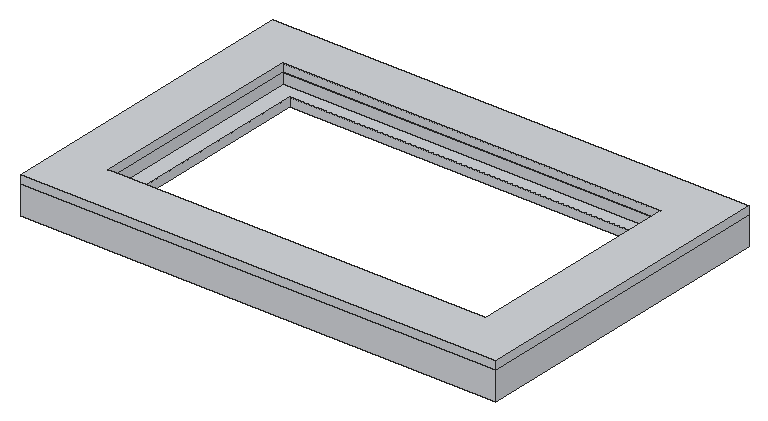
Revit family "Gira_100129", category Electrical Fixtures, host Face, Revit 2017
Family settings
  Host = Face
  Maintain Annotation Orientation = No
  Round Connector Dimension = Use Diameter
  Part Type = Normal
  Cut with Voids When Loaded = No
  Shared = No
  Room Calculation Point = No
Parameters (values of type "Abdeckrahmen 1,5f Gira E2 Reinweiß")
  Werkstoffgüte = "Thermoplast"
  Werkstoff = "Kunststoff"
  URL = "http://katalog.gira.de/de_DE/datenblatt.html?artikelnr=100129"
  Transparent = "No"
  Textfeld/Beschriftungsfläche = "No"
  Schutzart (IP) = "IP20"
  Region = "DE"
  RAL-Nummer (ähnlich) = "9010 "
  Oberfläche = "sonstige"
  Name = "Abdeckrahmen 1,5f Gira E2 Reinweiß"
  Montagerichtung = "horizontal und vertikal"
  Mit Montagerahmen = "No"
  Mit Klappdeckel = "No"
  Manufacturer URL = "https://www.gira.de/"
  Keynote = "E2-Rahmen_1,5fach"
  HeinzeBIM = "https://bimportal.heinze.de/bim/abdeckrahmen-1-5f-gira-e2-reinweiss/e930621cc1aead4ae3ba3830dd133bb31f8f40f0"
  Halogenfrei = "Yes"
  HAN = "100129"
  Geeignet für Unterputz-Installation = "Yes"
  Geeignet für Unterflurkanaldose = "No"
  Geeignet für Geräteeinbaukanal = "No"
  Geeignet für Einbauinstallation = "No"
  GTIN = "4010337881353"
  Farbe = "weiß"
  Default Elevation = 1219.2 mm
  Data sheet (1) = "https://katalog.gira.de/de_DE/download.html?artikelnr=100129"
  Category = "Abdeckrahmen"
  Befestigungsart = "Klemmbefestigung"
  Available = "Yes"
  Ausführung der Oberfläche = "glänzend"
  Anzahl der Einheiten vertikal = "1,5 "
  Anzahl der Einheiten horizontal = "1,5 "
  Anzahl der Einheiten = "1 "
Reference planes
  plane 1 "Center (Front/Back)": y = 0
  plane 2: z = 0
  plane 3 "Center (Left/Right)": x = 0
Forms (mm)
  Extrusion 1, solid, detail levels fine
    sketch origin (0, 0, 0) x (1, 0, 0) y (0, 1, 0)
      loop
        line (60.721, 40.421) -> (-60.721, 40.421) -> (-60.721, -40.421) -> (60.721, -40.421) -> (60.721, 40.421)
      loop
        line (-48.3, -28) -> (48.3, -28) -> (48.3, 28) -> (-48.3, 28) -> (-48.3, -28)
    from 7.3 to 9.3
  Extrusion 2, solid, detail levels fine
    sketch origin (0, 0, 0) x (1, 0, 0) y (0, 1, 0)
      loop
        line (-60.721, 40.421) -> (-60.721, -40.421) -> (60.721, -40.421) -> (60.721, 40.421) -> (-60.721, 40.421)
      loop
        line (-58.919, -38.619) -> (58.919, -38.619) -> (58.919, 38.619) -> (-58.919, 38.619) -> (-58.919, -38.619)
    from 0 to 7.3
  Extrusion 3, solid, detail levels fine
    sketch origin (0, 0, 0) x (1, 0, 0) y (0, 1, 0)
      loop
        line (-44, -24.75) -> (44, -24.75) -> (44, 24.75) -> (-44, 24.75) -> (-44, -24.75)
      loop
        line (-48.3, -28) -> (48.3, -28) -> (48.3, 28) -> (-48.3, 28) -> (-48.3, -28)
    from 2.2 to 4.5
  Extrusion 4, solid, detail levels fine
    sketch origin (0, 0, 0) x (1, 0, 0) y (0, 1, 0)
      loop
        line (49.78, -27.48) -> (49.78, 27.48)
        spline (49.78, 27.48) -> (49.763, 27.741) -> (49.712, 27.998) -> (49.628, 28.245) -> (49.512, 28.48) -> (49.367, 28.698) -> (49.194, 28.894) -> (48.998, 29.067) -> (48.78, 29.212) -> (48.545, 29.328) -> (48.298, 29.412) -> (48.041, 29.463) -> (47.78, 29.48)
        line (47.78, 29.48) -> (-47.78, 29.48)
        spline (-47.78, 29.48) -> (-48.041, 29.463) -> (-48.298, 29.412) -> (-48.545, 29.328) -> (-48.78, 29.212) -> (-48.998, 29.067) -> (-49.194, 28.894) -> (-49.367, 28.698) -> (-49.512, 28.48) -> (-49.628, 28.245) -> (-49.712, 27.998) -> (-49.763, 27.741) -> (-49.78, 27.48)
        line (-49.78, 27.48) -> (-49.78, -27.48)
        spline (-49.78, -27.48) -> (-49.763, -27.741) -> (-49.712, -27.998) -> (-49.628, -28.245) -> (-49.512, -28.48) -> (-49.367, -28.698) -> (-49.194, -28.894) -> (-48.998, -29.067) -> (-48.78, -29.212) -> (-48.545, -29.328) -> (-48.298, -29.412) -> (-48.041, -29.463) -> (-47.78, -29.48)
        line (-47.78, -29.48) -> (47.78, -29.48)
        spline (47.78, -29.48) -> (48.041, -29.463) -> (48.298, -29.412) -> (48.545, -29.328) -> (48.78, -29.212) -> (48.998, -29.067) -> (49.194, -28.894) -> (49.367, -28.698) -> (49.512, -28.48) -> (49.628, -28.245) -> (49.712, -27.998) -> (49.763, -27.741) -> (49.78, -27.48)
      loop
        line (-48.3, -28) -> (48.3, -28) -> (48.3, 28) -> (-48.3, 28) -> (-48.3, -28)
    from 2.2 to 7.3
  Extrusion 5, solid, detail levels coarse+medium
    sketch origin (0, 0, 0) x (1, 0, 0) y (0, 1, 0)
      loop
        line (-60.721, 40.421) -> (-60.721, -40.421) -> (60.721, -40.421) -> (60.721, 40.421) -> (-60.721, 40.421)
    from 0 to 9.3
Dimensions and locks
  aligned and locked: plane 2 to host face
  aligned and locked: level to host face
